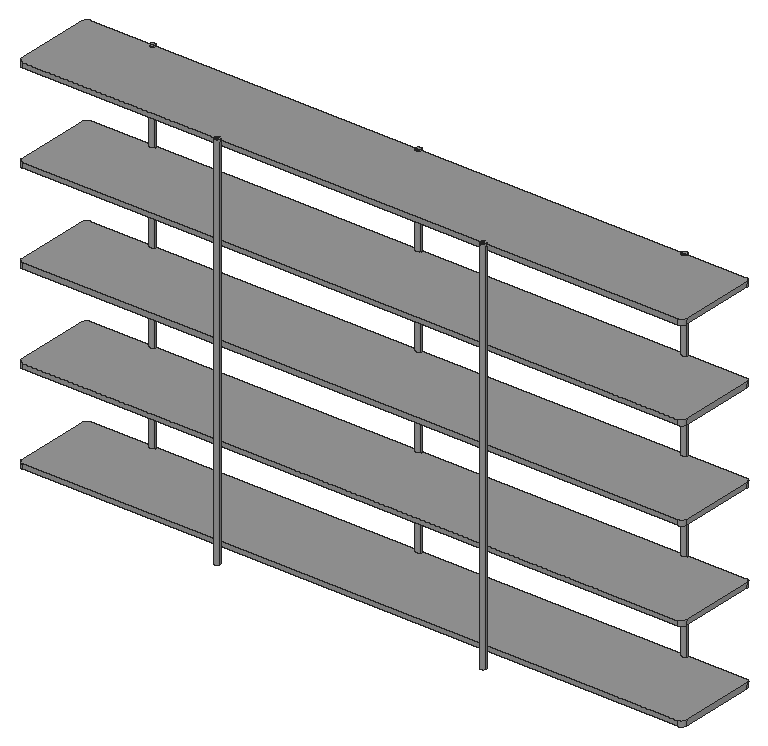
Revit family "Aero144-LivingDivani", category Furniture, Revit 2014
Parameters (values of type "250x144")
  URL = "http://www.livingdivani.it"
  Model = "Aero"
  Mat. Struttura = Zinc
  Manufacturer = "LivingDivani"
  Codice prodotto = "AERL144"
Reference planes (cm)
  plane 1 "Centro (Fronte/Retro)": y = 0
  plane 2: z = 0
  plane 3 "Centro (Sinistra/Destra)": x = 0
Forms (cm)
  Extrusion 1, solid, material "Zinc" <- "Mat. Struttura"
    sketch origin (0, 0, 6) x (1, 0, 0) y (0, 1, 0)
      loop
        arc (-123.2, 16) -> (-124.4728, 15.4728) -> (-125, 14.2) r 1.8
        line (-125, 14.2) -> (-125, -14.2)
        arc (-125, -14.2) -> (-124.4728, -15.4728) -> (-123.2, -16) r 1.8
        line (-123.2, -16) -> (-51.1089, -16) -> (123.2, -16)
        arc (123.2, -16) -> (124.4728, -15.4728) -> (125, -14.2) r 1.8
        line (125, -14.2) -> (125, 14.2)
        arc (125, 14.2) -> (124.4728, 15.4728) -> (123.2, 16) r 1.8
        line (123.2, 16) -> (-101.1089, 16) -> (-123.2, 16)
    from 0 to 1.8
  Extrusion 2, solid, material "Zinc" <- "Mat. Struttura"
    sketch origin (0, 0, 39.8) x (1, 0, 0) y (0, 1, 0)
      loop
        arc (-123.2, 16) -> (-124.4728, 15.4728) -> (-125, 14.2) r 1.8
        line (-125, 14.2) -> (-125, -14.2)
        arc (-125, -14.2) -> (-124.4728, -15.4728) -> (-123.2, -16) r 1.8
        line (-123.2, -16) -> (-51.1089, -16) -> (123.2, -16)
        arc (123.2, -16) -> (124.4728, -15.4728) -> (125, -14.2) r 1.8
        line (125, -14.2) -> (125, 14.2)
        arc (125, 14.2) -> (124.4728, 15.4728) -> (123.2, 16) r 1.8
        line (123.2, 16) -> (-101.1089, 16) -> (-123.2, 16)
    from 0 to 1.8
  Extrusion 3, solid, material "Zinc" <- "Mat. Struttura"
    sketch origin (0, 0, 73.6) x (1, 0, 0) y (0, 1, 0)
      loop
        arc (-123.2, 16) -> (-124.4728, 15.4728) -> (-125, 14.2) r 1.8
        line (-125, 14.2) -> (-125, -14.2)
        arc (-125, -14.2) -> (-124.4728, -15.4728) -> (-123.2, -16) r 1.8
        line (-123.2, -16) -> (-51.1089, -16) -> (123.2, -16)
        arc (123.2, -16) -> (124.4728, -15.4728) -> (125, -14.2) r 1.8
        line (125, -14.2) -> (125, 14.2)
        arc (125, 14.2) -> (124.4728, 15.4728) -> (123.2, 16) r 1.8
        line (123.2, 16) -> (-101.1089, 16) -> (-123.2, 16)
    from 0 to 1.8
  Extrusion 4, solid, material "Zinc" <- "Mat. Struttura"
    sketch origin (0, 0, 107.4) x (1, 0, 0) y (0, 1, 0)
      loop
        arc (-123.2, 16) -> (-124.4728, 15.4728) -> (-125, 14.2) r 1.8
        line (-125, 14.2) -> (-125, -14.2)
        arc (-125, -14.2) -> (-124.4728, -15.4728) -> (-123.2, -16) r 1.8
        line (-123.2, -16) -> (-51.1089, -16) -> (123.2, -16)
        arc (123.2, -16) -> (124.4728, -15.4728) -> (125, -14.2) r 1.8
        line (125, -14.2) -> (125, 14.2)
        arc (125, 14.2) -> (124.4728, 15.4728) -> (123.2, 16) r 1.8
        line (123.2, 16) -> (-101.1089, 16) -> (-123.2, 16)
    from 0 to 1.8
  Extrusion 5, solid, material "Zinc" <- "Mat. Struttura"
    sketch origin (0, 0, 141.2) x (1, 0, 0) y (0, 1, 0)
      loop
        arc (-123.2, 16) -> (-124.4728, 15.4728) -> (-125, 14.2) r 1.8
        line (-125, 14.2) -> (-125, -14.2)
        arc (-125, -14.2) -> (-124.4728, -15.4728) -> (-123.2, -16) r 1.8
        line (-123.2, -16) -> (-51.1089, -16) -> (123.2, -16)
        arc (123.2, -16) -> (124.4728, -15.4728) -> (125, -14.2) r 1.8
        line (125, -14.2) -> (125, 14.2)
        arc (125, 14.2) -> (124.4728, 15.4728) -> (123.2, 16) r 1.8
        line (123.2, 16) -> (-101.1089, 16) -> (-123.2, 16)
    from 0 to 1.8
  Extrusion 6, solid, material "Zinc" <- "Mat. Struttura"
    sketch origin (0, 0, 0) x (1, 0, 0) y (0, 1, 0)
      loop
        circle (-100, 16) r 1.1
    from 0 to 143
  Extrusion 7, solid, material "Zinc" <- "Mat. Struttura"
    sketch origin (100, 0, 0) x (1, 0, 0) y (0, 1, 0)
      loop
        circle (-100, 16) r 1.1
    from 0 to 143
  Extrusion 8, solid, material "Zinc" <- "Mat. Struttura"
    sketch origin (0, 0, 0) x (-1, 0, 0) y (0, -1, 0)
      loop
        circle (-100, -16) r 1.1
    from 0 to 143
  Extrusion 9, solid, material "Zinc" <- "Mat. Struttura"
    sketch origin (0, 0, 0) x (1, 0, 0) y (0, 1, 0)
      loop
        circle (-50, -16) r 1.1
    from 0 to 143
  Extrusion 10, solid, material "Zinc" <- "Mat. Struttura"
    sketch origin (0, 0, 0) x (-1, 0, 0) y (0, -1, 0)
      loop
        circle (-50, 16) r 1.1
    from 0 to 143
Dimensions and locks (cm)
  aligned and locked: level to plane 2
